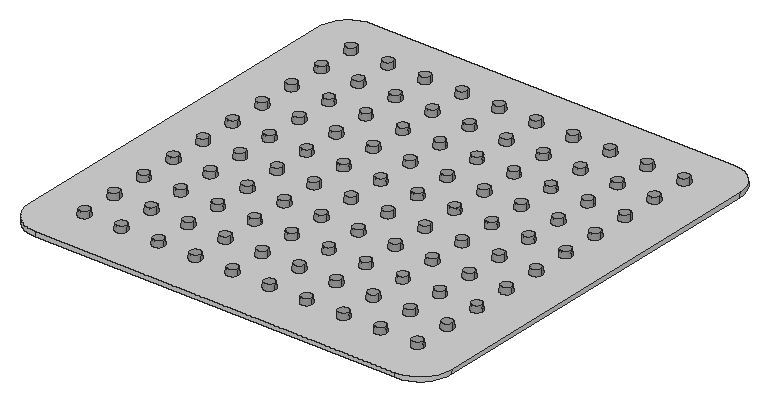
Revit family "Urbane II Rain Shower - 200mm Square", category Specialty Equipment, host Face, Revit 2019
Family settings
  Host = Face
  Round Connector Dimension = Use Radius
  Part Type = Normal
  OmniClass Number = 23.45.05.14.17
  OmniClass Title = Showers
  Cut with Voids When Loaded = No
  Shared = No
  Room Calculation Point = No
Parameters (values of type "Urbane II Rain Shower - 200mm Square - Chrome")
  URL = "https://www.caroma.com.au/"
  Model = "99664C4"
  Material_Spray = GWA-Plastic-General
  Material_Base = GWA_Metal-Chrome
  Manufacturer = "GWA Bathrooms & Kitchens"  # constant formula
  Description = "Urbane II Rain Shower - 200mm Square - Chrome"
  Default Elevation = 1000 mm
  CreatedBy_ANZRS = "GWA Bathrooms & Kitchens"  # constant formula
  Assembly Code = "D2010710"
Types (6, lengths in mm): name | Model | Material_Base | Description
  (no name) | "99664C4" | GWA_Metal-Chrome | "Urbane II Rain Shower - 200mm Square - Chrome"
  Urbane II Rain Shower - 200mm Square - Chrome | "99664C4" | GWA_Metal-Chrome | "Urbane II Rain Shower - 200mm Square - Chrome"
  Urbane II Rain Shower - 200mm Square - Matte Black | "99664B4" | GWA-Metal-Black | "Urbane II Rain Shower - 200mm Square - Matte Black"
  Urbane II Rain Shower - 200mm Square - Brushed Brass | "99664BB4" | GWA_Metal-Brushed-Brass | "Urbane II Rain Shower - 200mm Square - Brushed Brass"
  Urbane II Rain Shower - 200mm Square - Gunmetal | "99664GM4" | GWA-Metal-Gunmetal Grey | "Urbane II Rain Shower - 200mm Square - Gunmetal"
  Urbane II Rain Shower - 200mm Square - Brushed Nickel | "99664BN4" | GWA_Metal-Brushed-Nickel | "Urbane II Rain Shower - 200mm Square - Brushed Nickel"
Reference planes
  plane 1 "Center (Front/Back)": y = 0
  plane 2: z = 0
  plane 3 "Center (Left/Right)": x = 0
Forms (mm)
  Extrusion 1, solid, material "GWA_Metal-Chrome" <- "Material_Base"
    sketch origin (0, 0, 0) x (1, 0, 0) y (0, 1, 0)
      loop
        circle (0, 0) r 18.25
    from 20.3 to 38.6
  Revolve 2, solid, material "GWA_Metal-Chrome" <- "Material_Base"
    sketch origin (0, 0, 44.1) x (-1, 0, 0) y (0, 0, -1)
      loop
        line (0, 44.1) -> (-11.5, 44.1) -> (-11.5, 29.3) -> (-9, 28.6) -> (-9, 26.137)
        arc (-9, 26.137) -> (-10.937, 13.263) -> (0, 6.2) r 12
        line (0, 6.2) -> (0, 44.1)
      axis (0, 44.1) -> (0, 6.2)
    angle from 0 to 360
  Extrusion 3, void
    sketch origin (0, 0, 44.1) x (-1, 0, 0) y (0, 0, -1)
      loop
        line (-16, 34.3) -> (-16, 27.647) -> (-11, 27.647) -> (-11, 34.3) -> (-16, 34.3)
      loop
        line (16, 34.3) -> (11, 34.3) -> (11, 27.647) -> (16, 27.647) -> (16, 34.3)
    from -19.622 to 23.8
  Extrusion 4, void
    sketch origin (0, 0, 44.1) x (-1, 0, 0) y (0, 0, -1)
      loop
        line (-21.75, 25.341) -> (-21.75, 18.816) -> (-16.75, 18.816) -> (-16.75, 25.341) -> (-21.75, 25.341)
      loop
        line (21.75, 25.341) -> (16.75, 25.341) -> (16.75, 18.816) -> (21.75, 18.816) -> (21.75, 25.341)
    from -20 to 20
  Blend 5, solid, material "GWA-Plastic-General" <- "Material_Spray", detail levels fine
    base sketch origin (-8.75, 8.75, 44.1) x (-1, 0, 0) y (0, -1, 0)
      loop
        circle (0, 0) r 2.7
    top sketch origin (-8.75, 8.75, 44.1) x (-1, 0, 0) y (0, -1, 0)
      loop
        circle (0, 0) r 2.4
    from 0 to 2.5
  Extrusion 6, void
    sketch origin (0, 0, 0) x (1, 0, 0) y (0, 0, 1)
      loop
        circle (0, 28.8) r 2
    from -17.3 to -20
  Blend 7, solid, material "GWA-Plastic-General" <- "Material_Spray", detail levels fine
    base sketch origin (8.75, 8.75, 44.1) x (-1, 0, 0) y (0, -1, 0)
      loop
        circle (0, 0) r 2.7
    top sketch origin (8.75, 8.75, 44.1) x (-1, 0, 0) y (0, -1, 0)
      loop
        circle (0, 0) r 2.4
    from 0 to 2.5
  Blend 8, solid, material "GWA-Plastic-General" <- "Material_Spray", detail levels fine
    base sketch origin (26.25, 8.75, 44.1) x (-1, 0, 0) y (0, -1, 0)
      loop
        circle (0, 0) r 2.7
    top sketch origin (26.25, 8.75, 44.1) x (-1, 0, 0) y (0, -1, 0)
      loop
        circle (0, 0) r 2.4
    from 0 to 2.5
  Blend 9, solid, material "GWA-Plastic-General" <- "Material_Spray", detail levels fine
    base sketch origin (43.75, 8.75, 44.1) x (-1, 0, 0) y (0, -1, 0)
      loop
        circle (0, 0) r 2.7
    top sketch origin (43.75, 8.75, 44.1) x (-1, 0, 0) y (0, -1, 0)
      loop
        circle (0, 0) r 2.4
    from 0 to 2.5
  Blend 10, solid, material "GWA-Plastic-General" <- "Material_Spray", detail levels fine
    base sketch origin (61.25, 8.75, 44.1) x (-1, 0, 0) y (0, -1, 0)
      loop
        circle (0, 0) r 2.7
    top sketch origin (61.25, 8.75, 44.1) x (-1, 0, 0) y (0, -1, 0)
      loop
        circle (0, 0) r 2.4
    from 0 to 2.5
  Blend 11, solid, material "GWA-Plastic-General" <- "Material_Spray", detail levels fine
    base sketch origin (78.75, 8.75, 44.1) x (-1, 0, 0) y (0, -1, 0)
      loop
        circle (0, 0) r 2.7
    top sketch origin (78.75, 8.75, 44.1) x (-1, 0, 0) y (0, -1, 0)
      loop
        circle (0, 0) r 2.4
    from 0 to 2.5
  Blend 12, solid, material "GWA-Plastic-General" <- "Material_Spray", detail levels fine
    base sketch origin (-26.25, 8.75, 44.1) x (-1, 0, 0) y (0, -1, 0)
      loop
        circle (0, 0) r 2.7
    top sketch origin (-26.25, 8.75, 44.1) x (-1, 0, 0) y (0, -1, 0)
      loop
        circle (0, 0) r 2.4
    from 0 to 2.5
  Blend 13, solid, material "GWA-Plastic-General" <- "Material_Spray", detail levels fine
    base sketch origin (-43.75, 8.75, 44.1) x (-1, 0, 0) y (0, -1, 0)
      loop
        circle (0, 0) r 2.7
    top sketch origin (-43.75, 8.75, 44.1) x (-1, 0, 0) y (0, -1, 0)
      loop
        circle (0, 0) r 2.4
    from 0 to 2.5
  Blend 14, solid, material "GWA-Plastic-General" <- "Material_Spray", detail levels fine
    base sketch origin (-61.25, 8.75, 44.1) x (-1, 0, 0) y (0, -1, 0)
      loop
        circle (0, 0) r 2.7
    top sketch origin (-61.25, 8.75, 44.1) x (-1, 0, 0) y (0, -1, 0)
      loop
        circle (0, 0) r 2.4
    from 0 to 2.5
  Blend 15, solid, material "GWA-Plastic-General" <- "Material_Spray", detail levels fine
    base sketch origin (-78.75, 8.75, 44.1) x (-1, 0, 0) y (0, -1, 0)
      loop
        circle (0, 0) r 2.7
    top sketch origin (-78.75, 8.75, 44.1) x (-1, 0, 0) y (0, -1, 0)
      loop
        circle (0, 0) r 2.4
    from 0 to 2.5
  Blend 16, solid, material "GWA-Plastic-General" <- "Material_Spray", detail levels fine
    base sketch origin (-8.75, 26.25, 44.1) x (-1, 0, 0) y (0, -1, 0)
      loop
        circle (0, 0) r 2.7
    top sketch origin (-8.75, 26.25, 44.1) x (-1, 0, 0) y (0, -1, 0)
      loop
        circle (0, 0) r 2.4
    from 0 to 2.5
  Blend 17, solid, material "GWA-Plastic-General" <- "Material_Spray", detail levels fine
    base sketch origin (8.75, 26.25, 44.1) x (-1, 0, 0) y (0, -1, 0)
      loop
        circle (0, 0) r 2.7
    top sketch origin (8.75, 26.25, 44.1) x (-1, 0, 0) y (0, -1, 0)
      loop
        circle (0, 0) r 2.4
    from 0 to 2.5
  Blend 18, solid, material "GWA-Plastic-General" <- "Material_Spray", detail levels fine
    base sketch origin (26.25, 26.25, 44.1) x (-1, 0, 0) y (0, -1, 0)
      loop
        circle (0, 0) r 2.7
    top sketch origin (26.25, 26.25, 44.1) x (-1, 0, 0) y (0, -1, 0)
      loop
        circle (0, 0) r 2.4
    from 0 to 2.5
  Blend 19, solid, material "GWA-Plastic-General" <- "Material_Spray", detail levels fine
    base sketch origin (43.75, 26.25, 44.1) x (-1, 0, 0) y (0, -1, 0)
      loop
        circle (0, 0) r 2.7
    top sketch origin (43.75, 26.25, 44.1) x (-1, 0, 0) y (0, -1, 0)
      loop
        circle (0, 0) r 2.4
    from 0 to 2.5
  Blend 20, solid, material "GWA-Plastic-General" <- "Material_Spray", detail levels fine
    base sketch origin (61.25, 26.25, 44.1) x (-1, 0, 0) y (0, -1, 0)
      loop
        circle (0, 0) r 2.7
    top sketch origin (61.25, 26.25, 44.1) x (-1, 0, 0) y (0, -1, 0)
      loop
        circle (0, 0) r 2.4
    from 0 to 2.5
  Blend 21, solid, material "GWA-Plastic-General" <- "Material_Spray", detail levels fine
    base sketch origin (78.75, 26.25, 44.1) x (-1, 0, 0) y (0, -1, 0)
      loop
        circle (0, 0) r 2.7
    top sketch origin (78.75, 26.25, 44.1) x (-1, 0, 0) y (0, -1, 0)
      loop
        circle (0, 0) r 2.4
    from 0 to 2.5
  Blend 22, solid, material "GWA-Plastic-General" <- "Material_Spray", detail levels fine
    base sketch origin (-26.25, 26.25, 44.1) x (-1, 0, 0) y (0, -1, 0)
      loop
        circle (0, 0) r 2.7
    top sketch origin (-26.25, 26.25, 44.1) x (-1, 0, 0) y (0, -1, 0)
      loop
        circle (0, 0) r 2.4
    from 0 to 2.5
  Blend 23, solid, material "GWA-Plastic-General" <- "Material_Spray", detail levels fine
    base sketch origin (-43.75, 26.25, 44.1) x (-1, 0, 0) y (0, -1, 0)
      loop
        circle (0, 0) r 2.7
    top sketch origin (-43.75, 26.25, 44.1) x (-1, 0, 0) y (0, -1, 0)
      loop
        circle (0, 0) r 2.4
    from 0 to 2.5
  Blend 24, solid, material "GWA-Plastic-General" <- "Material_Spray", detail levels fine
    base sketch origin (-61.25, 26.25, 44.1) x (-1, 0, 0) y (0, -1, 0)
      loop
        circle (0, 0) r 2.7
    top sketch origin (-61.25, 26.25, 44.1) x (-1, 0, 0) y (0, -1, 0)
      loop
        circle (0, 0) r 2.4
    from 0 to 2.5
  Blend 25, solid, material "GWA-Plastic-General" <- "Material_Spray", detail levels fine
    base sketch origin (-78.75, 26.25, 44.1) x (-1, 0, 0) y (0, -1, 0)
      loop
        circle (0, 0) r 2.7
    top sketch origin (-78.75, 26.25, 44.1) x (-1, 0, 0) y (0, -1, 0)
      loop
        circle (0, 0) r 2.4
    from 0 to 2.5
  Blend 26, solid, material "GWA-Plastic-General" <- "Material_Spray", detail levels fine
    base sketch origin (-8.75, 43.75, 44.1) x (-1, 0, 0) y (0, -1, 0)
      loop
        circle (0, 0) r 2.7
    top sketch origin (-8.75, 43.75, 44.1) x (-1, 0, 0) y (0, -1, 0)
      loop
        circle (0, 0) r 2.4
    from 0 to 2.5
  Blend 27, solid, material "GWA-Plastic-General" <- "Material_Spray", detail levels fine
    base sketch origin (8.75, 43.75, 44.1) x (-1, 0, 0) y (0, -1, 0)
      loop
        circle (0, 0) r 2.7
    top sketch origin (8.75, 43.75, 44.1) x (-1, 0, 0) y (0, -1, 0)
      loop
        circle (0, 0) r 2.4
    from 0 to 2.5
  Blend 28, solid, material "GWA-Plastic-General" <- "Material_Spray", detail levels fine
    base sketch origin (26.25, 43.75, 44.1) x (-1, 0, 0) y (0, -1, 0)
      loop
        circle (0, 0) r 2.7
    top sketch origin (26.25, 43.75, 44.1) x (-1, 0, 0) y (0, -1, 0)
      loop
        circle (0, 0) r 2.4
    from 0 to 2.5
  Blend 29, solid, material "GWA-Plastic-General" <- "Material_Spray", detail levels fine
    base sketch origin (43.75, 43.75, 44.1) x (-1, 0, 0) y (0, -1, 0)
      loop
        circle (0, 0) r 2.7
    top sketch origin (43.75, 43.75, 44.1) x (-1, 0, 0) y (0, -1, 0)
      loop
        circle (0, 0) r 2.4
    from 0 to 2.5
  Blend 30, solid, material "GWA-Plastic-General" <- "Material_Spray", detail levels fine
    base sketch origin (61.25, 43.75, 44.1) x (-1, 0, 0) y (0, -1, 0)
      loop
        circle (0, 0) r 2.7
    top sketch origin (61.25, 43.75, 44.1) x (-1, 0, 0) y (0, -1, 0)
      loop
        circle (0, 0) r 2.4
    from 0 to 2.5
  Blend 31, solid, material "GWA-Plastic-General" <- "Material_Spray", detail levels fine
    base sketch origin (78.75, 43.75, 44.1) x (-1, 0, 0) y (0, -1, 0)
      loop
        circle (0, 0) r 2.7
    top sketch origin (78.75, 43.75, 44.1) x (-1, 0, 0) y (0, -1, 0)
      loop
        circle (0, 0) r 2.4
    from 0 to 2.5
  Blend 32, solid, material "GWA-Plastic-General" <- "Material_Spray", detail levels fine
    base sketch origin (-26.25, 43.75, 44.1) x (-1, 0, 0) y (0, -1, 0)
      loop
        circle (0, 0) r 2.7
    top sketch origin (-26.25, 43.75, 44.1) x (-1, 0, 0) y (0, -1, 0)
      loop
        circle (0, 0) r 2.4
    from 0 to 2.5
  Blend 33, solid, material "GWA-Plastic-General" <- "Material_Spray", detail levels fine
    base sketch origin (-43.75, 43.75, 44.1) x (-1, 0, 0) y (0, -1, 0)
      loop
        circle (0, 0) r 2.7
    top sketch origin (-43.75, 43.75, 44.1) x (-1, 0, 0) y (0, -1, 0)
      loop
        circle (0, 0) r 2.4
    from 0 to 2.5
  Blend 34, solid, material "GWA-Plastic-General" <- "Material_Spray", detail levels fine
    base sketch origin (-61.25, 43.75, 44.1) x (-1, 0, 0) y (0, -1, 0)
      loop
        circle (0, 0) r 2.7
    top sketch origin (-61.25, 43.75, 44.1) x (-1, 0, 0) y (0, -1, 0)
      loop
        circle (0, 0) r 2.4
    from 0 to 2.5
  Blend 35, solid, material "GWA-Plastic-General" <- "Material_Spray", detail levels fine
    base sketch origin (-78.75, 43.75, 44.1) x (-1, 0, 0) y (0, -1, 0)
      loop
        circle (0, 0) r 2.7
    top sketch origin (-78.75, 43.75, 44.1) x (-1, 0, 0) y (0, -1, 0)
      loop
        circle (0, 0) r 2.4
    from 0 to 2.5
  Blend 36, solid, material "GWA-Plastic-General" <- "Material_Spray", detail levels fine
    base sketch origin (-8.75, 61.25, 44.1) x (-1, 0, 0) y (0, -1, 0)
      loop
        circle (0, 0) r 2.7
    top sketch origin (-8.75, 61.25, 44.1) x (-1, 0, 0) y (0, -1, 0)
      loop
        circle (0, 0) r 2.4
    from 0 to 2.5
  Blend 37, solid, material "GWA-Plastic-General" <- "Material_Spray", detail levels fine
    base sketch origin (8.75, 61.25, 44.1) x (-1, 0, 0) y (0, -1, 0)
      loop
        circle (0, 0) r 2.7
    top sketch origin (8.75, 61.25, 44.1) x (-1, 0, 0) y (0, -1, 0)
      loop
        circle (0, 0) r 2.4
    from 0 to 2.5
  Blend 38, solid, material "GWA-Plastic-General" <- "Material_Spray", detail levels fine
    base sketch origin (26.25, 61.25, 44.1) x (-1, 0, 0) y (0, -1, 0)
      loop
        circle (0, 0) r 2.7
    top sketch origin (26.25, 61.25, 44.1) x (-1, 0, 0) y (0, -1, 0)
      loop
        circle (0, 0) r 2.4
    from 0 to 2.5
  Blend 39, solid, material "GWA-Plastic-General" <- "Material_Spray", detail levels fine
    base sketch origin (43.75, 61.25, 44.1) x (-1, 0, 0) y (0, -1, 0)
      loop
        circle (0, 0) r 2.7
    top sketch origin (43.75, 61.25, 44.1) x (-1, 0, 0) y (0, -1, 0)
      loop
        circle (0, 0) r 2.4
    from 0 to 2.5
  Blend 40, solid, material "GWA-Plastic-General" <- "Material_Spray", detail levels fine
    base sketch origin (61.25, 61.25, 44.1) x (-1, 0, 0) y (0, -1, 0)
      loop
        circle (0, 0) r 2.7
    top sketch origin (61.25, 61.25, 44.1) x (-1, 0, 0) y (0, -1, 0)
      loop
        circle (0, 0) r 2.4
    from 0 to 2.5
  Blend 41, solid, material "GWA-Plastic-General" <- "Material_Spray", detail levels fine
    base sketch origin (78.75, 61.25, 44.1) x (-1, 0, 0) y (0, -1, 0)
      loop
        circle (0, 0) r 2.7
    top sketch origin (78.75, 61.25, 44.1) x (-1, 0, 0) y (0, -1, 0)
      loop
        circle (0, 0) r 2.4
    from 0 to 2.5
  Blend 42, solid, material "GWA-Plastic-General" <- "Material_Spray", detail levels fine
    base sketch origin (-26.25, 61.25, 44.1) x (-1, 0, 0) y (0, -1, 0)
      loop
        circle (0, 0) r 2.7
    top sketch origin (-26.25, 61.25, 44.1) x (-1, 0, 0) y (0, -1, 0)
      loop
        circle (0, 0) r 2.4
    from 0 to 2.5
  Blend 43, solid, material "GWA-Plastic-General" <- "Material_Spray", detail levels fine
    base sketch origin (-43.75, 61.25, 44.1) x (-1, 0, 0) y (0, -1, 0)
      loop
        circle (0, 0) r 2.7
    top sketch origin (-43.75, 61.25, 44.1) x (-1, 0, 0) y (0, -1, 0)
      loop
        circle (0, 0) r 2.4
    from 0 to 2.5
  Blend 44, solid, material "GWA-Plastic-General" <- "Material_Spray", detail levels fine
    base sketch origin (-61.25, 61.25, 44.1) x (-1, 0, 0) y (0, -1, 0)
      loop
        circle (0, 0) r 2.7
    top sketch origin (-61.25, 61.25, 44.1) x (-1, 0, 0) y (0, -1, 0)
      loop
        circle (0, 0) r 2.4
    from 0 to 2.5
  Blend 45, solid, material "GWA-Plastic-General" <- "Material_Spray", detail levels fine
    base sketch origin (-78.75, 61.25, 44.1) x (-1, 0, 0) y (0, -1, 0)
      loop
        circle (0, 0) r 2.7
    top sketch origin (-78.75, 61.25, 44.1) x (-1, 0, 0) y (0, -1, 0)
      loop
        circle (0, 0) r 2.4
    from 0 to 2.5
  Blend 46, solid, material "GWA-Plastic-General" <- "Material_Spray", detail levels fine
    base sketch origin (-8.75, 78.75, 44.1) x (-1, 0, 0) y (0, -1, 0)
      loop
        circle (0, 0) r 2.7
    top sketch origin (-8.75, 78.75, 44.1) x (-1, 0, 0) y (0, -1, 0)
      loop
        circle (0, 0) r 2.4
    from 0 to 2.5
  Blend 47, solid, material "GWA-Plastic-General" <- "Material_Spray", detail levels fine
    base sketch origin (8.75, 78.75, 44.1) x (-1, 0, 0) y (0, -1, 0)
      loop
        circle (0, 0) r 2.7
    top sketch origin (8.75, 78.75, 44.1) x (-1, 0, 0) y (0, -1, 0)
      loop
        circle (0, 0) r 2.4
    from 0 to 2.5
  Blend 48, solid, material "GWA-Plastic-General" <- "Material_Spray", detail levels fine
    base sketch origin (26.25, 78.75, 44.1) x (-1, 0, 0) y (0, -1, 0)
      loop
        circle (0, 0) r 2.7
    top sketch origin (26.25, 78.75, 44.1) x (-1, 0, 0) y (0, -1, 0)
      loop
        circle (0, 0) r 2.4
    from 0 to 2.5
  Blend 49, solid, material "GWA-Plastic-General" <- "Material_Spray", detail levels fine
    base sketch origin (43.75, 78.75, 44.1) x (-1, 0, 0) y (0, -1, 0)
      loop
        circle (0, 0) r 2.7
    top sketch origin (43.75, 78.75, 44.1) x (-1, 0, 0) y (0, -1, 0)
      loop
        circle (0, 0) r 2.4
    from 0 to 2.5
  Blend 50, solid, material "GWA-Plastic-General" <- "Material_Spray", detail levels fine
    base sketch origin (61.25, 78.75, 44.1) x (-1, 0, 0) y (0, -1, 0)
      loop
        circle (0, 0) r 2.7
    top sketch origin (61.25, 78.75, 44.1) x (-1, 0, 0) y (0, -1, 0)
      loop
        circle (0, 0) r 2.4
    from 0 to 2.5
  Blend 51, solid, material "GWA-Plastic-General" <- "Material_Spray", detail levels fine
    base sketch origin (78.75, 78.75, 44.1) x (-1, 0, 0) y (0, -1, 0)
      loop
        circle (0, 0) r 2.7
    top sketch origin (78.75, 78.75, 44.1) x (-1, 0, 0) y (0, -1, 0)
      loop
        circle (0, 0) r 2.4
    from 0 to 2.5
  Blend 52, solid, material "GWA-Plastic-General" <- "Material_Spray", detail levels fine
    base sketch origin (-26.25, 78.75, 44.1) x (-1, 0, 0) y (0, -1, 0)
      loop
        circle (0, 0) r 2.7
    top sketch origin (-26.25, 78.75, 44.1) x (-1, 0, 0) y (0, -1, 0)
      loop
        circle (0, 0) r 2.4
    from 0 to 2.5
  Blend 53, solid, material "GWA-Plastic-General" <- "Material_Spray", detail levels fine
    base sketch origin (-43.75, 78.75, 44.1) x (-1, 0, 0) y (0, -1, 0)
      loop
        circle (0, 0) r 2.7
    top sketch origin (-43.75, 78.75, 44.1) x (-1, 0, 0) y (0, -1, 0)
      loop
        circle (0, 0) r 2.4
    from 0 to 2.5
  Blend 54, solid, material "GWA-Plastic-General" <- "Material_Spray", detail levels fine
    base sketch origin (-61.25, 78.75, 44.1) x (-1, 0, 0) y (0, -1, 0)
      loop
        circle (0, 0) r 2.7
    top sketch origin (-61.25, 78.75, 44.1) x (-1, 0, 0) y (0, -1, 0)
      loop
        circle (0, 0) r 2.4
    from 0 to 2.5
  Blend 55, solid, material "GWA-Plastic-General" <- "Material_Spray", detail levels fine
    base sketch origin (-78.75, 78.75, 44.1) x (-1, 0, 0) y (0, -1, 0)
      loop
        circle (0, 0) r 2.7
    top sketch origin (-78.75, 78.75, 44.1) x (-1, 0, 0) y (0, -1, 0)
      loop
        circle (0, 0) r 2.4
    from 0 to 2.5
  Blend 56, solid, material "GWA-Plastic-General" <- "Material_Spray", detail levels fine
    base sketch origin (-8.75, -8.75, 44.1) x (-1, 0, 0) y (0, -1, 0)
      loop
        circle (0, 0) r 2.7
    top sketch origin (-8.75, -8.75, 44.1) x (-1, 0, 0) y (0, -1, 0)
      loop
        circle (0, 0) r 2.4
    from 0 to 2.5
  Blend 57, solid, material "GWA-Plastic-General" <- "Material_Spray", detail levels fine
    base sketch origin (8.75, -8.75, 44.1) x (-1, 0, 0) y (0, -1, 0)
      loop
        circle (0, 0) r 2.7
    top sketch origin (8.75, -8.75, 44.1) x (-1, 0, 0) y (0, -1, 0)
      loop
        circle (0, 0) r 2.4
    from 0 to 2.5
  Blend 58, solid, material "GWA-Plastic-General" <- "Material_Spray", detail levels fine
    base sketch origin (26.25, -8.75, 44.1) x (-1, 0, 0) y (0, -1, 0)
      loop
        circle (0, 0) r 2.7
    top sketch origin (26.25, -8.75, 44.1) x (-1, 0, 0) y (0, -1, 0)
      loop
        circle (0, 0) r 2.4
    from 0 to 2.5
  Blend 59, solid, material "GWA-Plastic-General" <- "Material_Spray", detail levels fine
    base sketch origin (43.75, -8.75, 44.1) x (-1, 0, 0) y (0, -1, 0)
      loop
        circle (0, 0) r 2.7
    top sketch origin (43.75, -8.75, 44.1) x (-1, 0, 0) y (0, -1, 0)
      loop
        circle (0, 0) r 2.4
    from 0 to 2.5
  Blend 60, solid, material "GWA-Plastic-General" <- "Material_Spray", detail levels fine
    base sketch origin (61.25, -8.75, 44.1) x (-1, 0, 0) y (0, -1, 0)
      loop
        circle (0, 0) r 2.7
    top sketch origin (61.25, -8.75, 44.1) x (-1, 0, 0) y (0, -1, 0)
      loop
        circle (0, 0) r 2.4
    from 0 to 2.5
  Blend 61, solid, material "GWA-Plastic-General" <- "Material_Spray", detail levels fine
    base sketch origin (78.75, -8.75, 44.1) x (-1, 0, 0) y (0, -1, 0)
      loop
        circle (0, 0) r 2.7
    top sketch origin (78.75, -8.75, 44.1) x (-1, 0, 0) y (0, -1, 0)
      loop
        circle (0, 0) r 2.4
    from 0 to 2.5
  Blend 62, solid, material "GWA-Plastic-General" <- "Material_Spray", detail levels fine
    base sketch origin (-26.25, -8.75, 44.1) x (-1, 0, 0) y (0, -1, 0)
      loop
        circle (0, 0) r 2.7
    top sketch origin (-26.25, -8.75, 44.1) x (-1, 0, 0) y (0, -1, 0)
      loop
        circle (0, 0) r 2.4
    from 0 to 2.5
  Blend 63, solid, material "GWA-Plastic-General" <- "Material_Spray", detail levels fine
    base sketch origin (-43.75, -8.75, 44.1) x (-1, 0, 0) y (0, -1, 0)
      loop
        circle (0, 0) r 2.7
    top sketch origin (-43.75, -8.75, 44.1) x (-1, 0, 0) y (0, -1, 0)
      loop
        circle (0, 0) r 2.4
    from 0 to 2.5
  Blend 64, solid, material "GWA-Plastic-General" <- "Material_Spray", detail levels fine
    base sketch origin (-61.25, -8.75, 44.1) x (-1, 0, 0) y (0, -1, 0)
      loop
        circle (0, 0) r 2.7
    top sketch origin (-61.25, -8.75, 44.1) x (-1, 0, 0) y (0, -1, 0)
      loop
        circle (0, 0) r 2.4
    from 0 to 2.5
  Blend 65, solid, material "GWA-Plastic-General" <- "Material_Spray", detail levels fine
    base sketch origin (-78.75, -8.75, 44.1) x (-1, 0, 0) y (0, -1, 0)
      loop
        circle (0, 0) r 2.7
    top sketch origin (-78.75, -8.75, 44.1) x (-1, 0, 0) y (0, -1, 0)
      loop
        circle (0, 0) r 2.4
    from 0 to 2.5
  Blend 66, solid, material "GWA-Plastic-General" <- "Material_Spray", detail levels fine
    base sketch origin (-8.75, -26.25, 44.1) x (-1, 0, 0) y (0, -1, 0)
      loop
        circle (0, 0) r 2.7
    top sketch origin (-8.75, -26.25, 44.1) x (-1, 0, 0) y (0, -1, 0)
      loop
        circle (0, 0) r 2.4
    from 0 to 2.5
  Blend 67, solid, material "GWA-Plastic-General" <- "Material_Spray", detail levels fine
    base sketch origin (8.75, -26.25, 44.1) x (-1, 0, 0) y (0, -1, 0)
      loop
        circle (0, 0) r 2.7
    top sketch origin (8.75, -26.25, 44.1) x (-1, 0, 0) y (0, -1, 0)
      loop
        circle (0, 0) r 2.4
    from 0 to 2.5
  Blend 68, solid, material "GWA-Plastic-General" <- "Material_Spray", detail levels fine
    base sketch origin (26.25, -26.25, 44.1) x (-1, 0, 0) y (0, -1, 0)
      loop
        circle (0, 0) r 2.7
    top sketch origin (26.25, -26.25, 44.1) x (-1, 0, 0) y (0, -1, 0)
      loop
        circle (0, 0) r 2.4
    from 0 to 2.5
  Blend 69, solid, material "GWA-Plastic-General" <- "Material_Spray", detail levels fine
    base sketch origin (43.75, -26.25, 44.1) x (-1, 0, 0) y (0, -1, 0)
      loop
        circle (0, 0) r 2.7
    top sketch origin (43.75, -26.25, 44.1) x (-1, 0, 0) y (0, -1, 0)
      loop
        circle (0, 0) r 2.4
    from 0 to 2.5
  Blend 70, solid, material "GWA-Plastic-General" <- "Material_Spray", detail levels fine
    base sketch origin (61.25, -26.25, 44.1) x (-1, 0, 0) y (0, -1, 0)
      loop
        circle (0, 0) r 2.7
    top sketch origin (61.25, -26.25, 44.1) x (-1, 0, 0) y (0, -1, 0)
      loop
        circle (0, 0) r 2.4
    from 0 to 2.5
  Blend 71, solid, material "GWA-Plastic-General" <- "Material_Spray", detail levels fine
    base sketch origin (78.75, -26.25, 44.1) x (-1, 0, 0) y (0, -1, 0)
      loop
        circle (0, 0) r 2.7
    top sketch origin (78.75, -26.25, 44.1) x (-1, 0, 0) y (0, -1, 0)
      loop
        circle (0, 0) r 2.4
    from 0 to 2.5
  Blend 72, solid, material "GWA-Plastic-General" <- "Material_Spray", detail levels fine
    base sketch origin (-26.25, -26.25, 44.1) x (-1, 0, 0) y (0, -1, 0)
      loop
        circle (0, 0) r 2.7
    top sketch origin (-26.25, -26.25, 44.1) x (-1, 0, 0) y (0, -1, 0)
      loop
        circle (0, 0) r 2.4
    from 0 to 2.5
  Blend 73, solid, material "GWA-Plastic-General" <- "Material_Spray", detail levels fine
    base sketch origin (-43.75, -26.25, 44.1) x (-1, 0, 0) y (0, -1, 0)
      loop
        circle (0, 0) r 2.7
    top sketch origin (-43.75, -26.25, 44.1) x (-1, 0, 0) y (0, -1, 0)
      loop
        circle (0, 0) r 2.4
    from 0 to 2.5
  Blend 74, solid, material "GWA-Plastic-General" <- "Material_Spray", detail levels fine
    base sketch origin (-61.25, -26.25, 44.1) x (-1, 0, 0) y (0, -1, 0)
      loop
        circle (0, 0) r 2.7
    top sketch origin (-61.25, -26.25, 44.1) x (-1, 0, 0) y (0, -1, 0)
      loop
        circle (0, 0) r 2.4
    from 0 to 2.5
  Blend 75, solid, material "GWA-Plastic-General" <- "Material_Spray", detail levels fine
    base sketch origin (-78.75, -26.25, 44.1) x (-1, 0, 0) y (0, -1, 0)
      loop
        circle (0, 0) r 2.7
    top sketch origin (-78.75, -26.25, 44.1) x (-1, 0, 0) y (0, -1, 0)
      loop
        circle (0, 0) r 2.4
    from 0 to 2.5
  Blend 76, solid, material "GWA-Plastic-General" <- "Material_Spray", detail levels fine
    base sketch origin (-8.75, -43.75, 44.1) x (-1, 0, 0) y (0, -1, 0)
      loop
        circle (0, 0) r 2.7
    top sketch origin (-8.75, -43.75, 44.1) x (-1, 0, 0) y (0, -1, 0)
      loop
        circle (0, 0) r 2.4
    from 0 to 2.5
  Blend 77, solid, material "GWA-Plastic-General" <- "Material_Spray", detail levels fine
    base sketch origin (8.75, -43.75, 44.1) x (-1, 0, 0) y (0, -1, 0)
      loop
        circle (0, 0) r 2.7
    top sketch origin (8.75, -43.75, 44.1) x (-1, 0, 0) y (0, -1, 0)
      loop
        circle (0, 0) r 2.4
    from 0 to 2.5
  Blend 78, solid, material "GWA-Plastic-General" <- "Material_Spray", detail levels fine
    base sketch origin (26.25, -43.75, 44.1) x (-1, 0, 0) y (0, -1, 0)
      loop
        circle (0, 0) r 2.7
    top sketch origin (26.25, -43.75, 44.1) x (-1, 0, 0) y (0, -1, 0)
      loop
        circle (0, 0) r 2.4
    from 0 to 2.5
  Blend 79, solid, material "GWA-Plastic-General" <- "Material_Spray", detail levels fine
    base sketch origin (43.75, -43.75, 44.1) x (-1, 0, 0) y (0, -1, 0)
      loop
        circle (0, 0) r 2.7
    top sketch origin (43.75, -43.75, 44.1) x (-1, 0, 0) y (0, -1, 0)
      loop
        circle (0, 0) r 2.4
    from 0 to 2.5
  Blend 80, solid, material "GWA-Plastic-General" <- "Material_Spray", detail levels fine
    base sketch origin (61.25, -43.75, 44.1) x (-1, 0, 0) y (0, -1, 0)
      loop
        circle (0, 0) r 2.7
    top sketch origin (61.25, -43.75, 44.1) x (-1, 0, 0) y (0, -1, 0)
      loop
        circle (0, 0) r 2.4
    from 0 to 2.5
  Blend 81, solid, material "GWA-Plastic-General" <- "Material_Spray", detail levels fine
    base sketch origin (78.75, -43.75, 44.1) x (-1, 0, 0) y (0, -1, 0)
      loop
        circle (0, 0) r 2.7
    top sketch origin (78.75, -43.75, 44.1) x (-1, 0, 0) y (0, -1, 0)
      loop
        circle (0, 0) r 2.4
    from 0 to 2.5
  Blend 82, solid, material "GWA-Plastic-General" <- "Material_Spray", detail levels fine
    base sketch origin (-26.25, -43.75, 44.1) x (-1, 0, 0) y (0, -1, 0)
      loop
        circle (0, 0) r 2.7
    top sketch origin (-26.25, -43.75, 44.1) x (-1, 0, 0) y (0, -1, 0)
      loop
        circle (0, 0) r 2.4
    from 0 to 2.5
  Blend 83, solid, material "GWA-Plastic-General" <- "Material_Spray", detail levels fine
    base sketch origin (-43.75, -43.75, 44.1) x (-1, 0, 0) y (0, -1, 0)
      loop
        circle (0, 0) r 2.7
    top sketch origin (-43.75, -43.75, 44.1) x (-1, 0, 0) y (0, -1, 0)
      loop
        circle (0, 0) r 2.4
    from 0 to 2.5
  Blend 84, solid, material "GWA-Plastic-General" <- "Material_Spray", detail levels fine
    base sketch origin (-61.25, -43.75, 44.1) x (-1, 0, 0) y (0, -1, 0)
      loop
        circle (0, 0) r 2.7
    top sketch origin (-61.25, -43.75, 44.1) x (-1, 0, 0) y (0, -1, 0)
      loop
        circle (0, 0) r 2.4
    from 0 to 2.5
  Blend 85, solid, material "GWA-Plastic-General" <- "Material_Spray", detail levels fine
    base sketch origin (-78.75, -43.75, 44.1) x (-1, 0, 0) y (0, -1, 0)
      loop
        circle (0, 0) r 2.7
    top sketch origin (-78.75, -43.75, 44.1) x (-1, 0, 0) y (0, -1, 0)
      loop
        circle (0, 0) r 2.4
    from 0 to 2.5
  Blend 86, solid, material "GWA-Plastic-General" <- "Material_Spray", detail levels fine
    base sketch origin (-8.75, -61.25, 44.1) x (-1, 0, 0) y (0, -1, 0)
      loop
        circle (0, 0) r 2.7
    top sketch origin (-8.75, -61.25, 44.1) x (-1, 0, 0) y (0, -1, 0)
      loop
        circle (0, 0) r 2.4
    from 0 to 2.5
  Blend 87, solid, material "GWA-Plastic-General" <- "Material_Spray", detail levels fine
    base sketch origin (8.75, -61.25, 44.1) x (-1, 0, 0) y (0, -1, 0)
      loop
        circle (0, 0) r 2.7
    top sketch origin (8.75, -61.25, 44.1) x (-1, 0, 0) y (0, -1, 0)
      loop
        circle (0, 0) r 2.4
    from 0 to 2.5
  Blend 88, solid, material "GWA-Plastic-General" <- "Material_Spray", detail levels fine
    base sketch origin (26.25, -61.25, 44.1) x (-1, 0, 0) y (0, -1, 0)
      loop
        circle (0, 0) r 2.7
    top sketch origin (26.25, -61.25, 44.1) x (-1, 0, 0) y (0, -1, 0)
      loop
        circle (0, 0) r 2.4
    from 0 to 2.5
  Blend 89, solid, material "GWA-Plastic-General" <- "Material_Spray", detail levels fine
    base sketch origin (43.75, -61.25, 44.1) x (-1, 0, 0) y (0, -1, 0)
      loop
        circle (0, 0) r 2.7
    top sketch origin (43.75, -61.25, 44.1) x (-1, 0, 0) y (0, -1, 0)
      loop
        circle (0, 0) r 2.4
    from 0 to 2.5
  Blend 90, solid, material "GWA-Plastic-General" <- "Material_Spray", detail levels fine
    base sketch origin (61.25, -61.25, 44.1) x (-1, 0, 0) y (0, -1, 0)
      loop
        circle (0, 0) r 2.7
    top sketch origin (61.25, -61.25, 44.1) x (-1, 0, 0) y (0, -1, 0)
      loop
        circle (0, 0) r 2.4
    from 0 to 2.5
  Blend 91, solid, material "GWA-Plastic-General" <- "Material_Spray", detail levels fine
    base sketch origin (78.75, -61.25, 44.1) x (-1, 0, 0) y (0, -1, 0)
      loop
        circle (0, 0) r 2.7
    top sketch origin (78.75, -61.25, 44.1) x (-1, 0, 0) y (0, -1, 0)
      loop
        circle (0, 0) r 2.4
    from 0 to 2.5
  Blend 92, solid, material "GWA-Plastic-General" <- "Material_Spray", detail levels fine
    base sketch origin (-26.25, -61.25, 44.1) x (-1, 0, 0) y (0, -1, 0)
      loop
        circle (0, 0) r 2.7
    top sketch origin (-26.25, -61.25, 44.1) x (-1, 0, 0) y (0, -1, 0)
      loop
        circle (0, 0) r 2.4
    from 0 to 2.5
  Blend 93, solid, material "GWA-Plastic-General" <- "Material_Spray", detail levels fine
    base sketch origin (-43.75, -61.25, 44.1) x (-1, 0, 0) y (0, -1, 0)
      loop
        circle (0, 0) r 2.7
    top sketch origin (-43.75, -61.25, 44.1) x (-1, 0, 0) y (0, -1, 0)
      loop
        circle (0, 0) r 2.4
    from 0 to 2.5
  Blend 94, solid, material "GWA-Plastic-General" <- "Material_Spray", detail levels fine
    base sketch origin (-61.25, -61.25, 44.1) x (-1, 0, 0) y (0, -1, 0)
      loop
        circle (0, 0) r 2.7
    top sketch origin (-61.25, -61.25, 44.1) x (-1, 0, 0) y (0, -1, 0)
      loop
        circle (0, 0) r 2.4
    from 0 to 2.5
  Blend 95, solid, material "GWA-Plastic-General" <- "Material_Spray", detail levels fine
    base sketch origin (-78.75, -61.25, 44.1) x (-1, 0, 0) y (0, -1, 0)
      loop
        circle (0, 0) r 2.7
    top sketch origin (-78.75, -61.25, 44.1) x (-1, 0, 0) y (0, -1, 0)
      loop
        circle (0, 0) r 2.4
    from 0 to 2.5
  Blend 96, solid, material "GWA-Plastic-General" <- "Material_Spray", detail levels fine
    base sketch origin (-8.75, -78.75, 44.1) x (-1, 0, 0) y (0, -1, 0)
      loop
        circle (0, 0) r 2.7
    top sketch origin (-8.75, -78.75, 44.1) x (-1, 0, 0) y (0, -1, 0)
      loop
        circle (0, 0) r 2.4
    from 0 to 2.5
  Blend 97, solid, material "GWA-Plastic-General" <- "Material_Spray", detail levels fine
    base sketch origin (8.75, -78.75, 44.1) x (-1, 0, 0) y (0, -1, 0)
      loop
        circle (0, 0) r 2.7
    top sketch origin (8.75, -78.75, 44.1) x (-1, 0, 0) y (0, -1, 0)
      loop
        circle (0, 0) r 2.4
    from 0 to 2.5
  Blend 98, solid, material "GWA-Plastic-General" <- "Material_Spray", detail levels fine
    base sketch origin (26.25, -78.75, 44.1) x (-1, 0, 0) y (0, -1, 0)
      loop
        circle (0, 0) r 2.7
    top sketch origin (26.25, -78.75, 44.1) x (-1, 0, 0) y (0, -1, 0)
      loop
        circle (0, 0) r 2.4
    from 0 to 2.5
  Blend 99, solid, material "GWA-Plastic-General" <- "Material_Spray", detail levels fine
    base sketch origin (43.75, -78.75, 44.1) x (-1, 0, 0) y (0, -1, 0)
      loop
        circle (0, 0) r 2.7
    top sketch origin (43.75, -78.75, 44.1) x (-1, 0, 0) y (0, -1, 0)
      loop
        circle (0, 0) r 2.4
    from 0 to 2.5
  Blend 100, solid, material "GWA-Plastic-General" <- "Material_Spray", detail levels fine
    base sketch origin (61.25, -78.75, 44.1) x (-1, 0, 0) y (0, -1, 0)
      loop
        circle (0, 0) r 2.7
    top sketch origin (61.25, -78.75, 44.1) x (-1, 0, 0) y (0, -1, 0)
      loop
        circle (0, 0) r 2.4
    from 0 to 2.5
  Blend 101, solid, material "GWA-Plastic-General" <- "Material_Spray", detail levels fine
    base sketch origin (78.75, -78.75, 44.1) x (-1, 0, 0) y (0, -1, 0)
      loop
        circle (0, 0) r 2.7
    top sketch origin (78.75, -78.75, 44.1) x (-1, 0, 0) y (0, -1, 0)
      loop
        circle (0, 0) r 2.4
    from 0 to 2.5
  Blend 102, solid, material "GWA-Plastic-General" <- "Material_Spray", detail levels fine
    base sketch origin (-26.25, -78.75, 44.1) x (-1, 0, 0) y (0, -1, 0)
      loop
        circle (0, 0) r 2.7
    top sketch origin (-26.25, -78.75, 44.1) x (-1, 0, 0) y (0, -1, 0)
      loop
        circle (0, 0) r 2.4
    from 0 to 2.5
  Blend 103, solid, material "GWA-Plastic-General" <- "Material_Spray", detail levels fine
    base sketch origin (-43.75, -78.75, 44.1) x (-1, 0, 0) y (0, -1, 0)
      loop
        circle (0, 0) r 2.7
    top sketch origin (-43.75, -78.75, 44.1) x (-1, 0, 0) y (0, -1, 0)
      loop
        circle (0, 0) r 2.4
    from 0 to 2.5
  Blend 104, solid, material "GWA-Plastic-General" <- "Material_Spray", detail levels fine
    base sketch origin (-61.25, -78.75, 44.1) x (-1, 0, 0) y (0, -1, 0)
      loop
        circle (0, 0) r 2.7
    top sketch origin (-61.25, -78.75, 44.1) x (-1, 0, 0) y (0, -1, 0)
      loop
        circle (0, 0) r 2.4
    from 0 to 2.5
  Blend 105, solid, material "GWA-Plastic-General" <- "Material_Spray", detail levels fine
    base sketch origin (-78.75, -78.75, 44.1) x (-1, 0, 0) y (0, -1, 0)
      loop
        circle (0, 0) r 2.7
    top sketch origin (-78.75, -78.75, 44.1) x (-1, 0, 0) y (0, -1, 0)
      loop
        circle (0, 0) r 2.4
    from 0 to 2.5
  Extrusion 106, solid, material "GWA_Metal-Chrome" <- "Material_Base"
    sketch origin (-8.697, -10, 0) x (1, 0, 0) y (0, 1, 0)
      loop
        arc (-76.303, 110) -> (-86.91, 105.607) -> (-91.303, 95) r 15
        line (-91.303, 95) -> (-91.303, -75)
        arc (-91.303, -75) -> (-86.91, -85.607) -> (-76.303, -90) r 15
        line (-76.303, -90) -> (93.697, -90)
        arc (93.697, -90) -> (104.303, -85.607) -> (108.697, -75) r 15
        line (108.697, -75) -> (108.697, 95)
        arc (108.697, 95) -> (104.303, 105.607) -> (93.697, 110) r 15
        line (93.697, 110) -> (-76.303, 110)
    from 42.1 to 44.1
  Extrusion 107, solid, material "GWA_Metal-Chrome" <- "Material_Base"
    sketch origin (0, 0, 0) x (1, 0, 0) y (0, 0, 1)
      loop
        line (-89.556, 41.554) -> (-81.848, 39.146)
        arc (-81.848, 39.146) -> (-80.079, 38.737) -> (-78.269, 38.6) r 12
        line (-78.269, 38.6) -> (-78.269, 43.1) -> (-93.134, 43.1) -> (-93.134, 42.1)
        arc (-93.134, 42.1) -> (-91.324, 41.963) -> (-89.556, 41.554) r 12
    from -78.3 to 78.3
  Revolve 108, solid, material "GWA_Metal-Chrome" <- "Material_Base"
    sketch origin (0, 78.3, 0) x (1, 0, 0) y (0, 0, 1)
      loop
        line (-89.556, 41.554) -> (-81.848, 39.146)
        arc (-81.848, 39.146) -> (-80.079, 38.737) -> (-78.269, 38.6) r 12
        line (-78.269, 38.6) -> (-78.269, 43.1) -> (-93.134, 43.1) -> (-93.134, 42.1)
        arc (-93.134, 42.1) -> (-91.324, 41.963) -> (-89.556, 41.554) r 12
      axis (-78.269, 43.1) -> (-78.269, 38.6)
    angle from 0 to 90
  Extrusion 109, solid, material "GWA_Metal-Chrome" <- "Material_Base"
    sketch origin (0, 0, 0) x (-1, 0, 0) y (0, 0, 1)
      loop
        line (-89.556, 41.554) -> (-81.848, 39.146)
        arc (-81.848, 39.146) -> (-80.079, 38.737) -> (-78.269, 38.6) r 12
        line (-78.269, 38.6) -> (-78.269, 43.1) -> (-93.134, 43.1) -> (-93.134, 42.1)
        arc (-93.134, 42.1) -> (-91.324, 41.963) -> (-89.556, 41.554) r 12
    from -78.3 to 78.3
  Revolve 110, solid, material "GWA_Metal-Chrome" <- "Material_Base"
    sketch origin (0, 78.3, 0) x (-1, 0, 0) y (0, 0, 1)
      loop
        line (-89.556, 41.554) -> (-81.848, 39.146)
        arc (-81.848, 39.146) -> (-80.079, 38.737) -> (-78.269, 38.6) r 12
        line (-78.269, 38.6) -> (-78.269, 43.1) -> (-93.134, 43.1) -> (-93.134, 42.1)
        arc (-93.134, 42.1) -> (-91.324, 41.963) -> (-89.556, 41.554) r 12
      axis (-78.269, 43.1) -> (-78.269, 38.6)
    angle from 0 to 90
  Extrusion 111, solid, material "GWA_Metal-Chrome" <- "Material_Base"
    sketch origin (0, 0, 0) x (0, -1, 0) y (0, 0, 1)
      loop
        line (-89.556, 41.554) -> (-81.848, 39.146)
        arc (-81.848, 39.146) -> (-80.079, 38.737) -> (-78.269, 38.6) r 12
        line (-78.269, 38.6) -> (-78.269, 43.1) -> (-93.134, 43.1) -> (-93.134, 42.1)
        arc (-93.134, 42.1) -> (-91.324, 41.963) -> (-89.556, 41.554) r 12
    from -78.3 to 78.269
  Extrusion 112, solid, material "GWA_Metal-Chrome" <- "Material_Base"
    sketch origin (0, 0, 0) x (0, 1, 0) y (0, 0, -1)
      loop
        arc (-89.556, -41.554) -> (-91.324, -41.963) -> (-93.134, -42.1) r 12
        line (-93.134, -42.1) -> (-93.134, -43.1) -> (-78.269, -43.1) -> (-78.269, -38.6)
        arc (-78.269, -38.6) -> (-80.079, -38.737) -> (-81.848, -39.146) r 12
        line (-81.848, -39.146) -> (-89.556, -41.554)
    from -78.3 to 78.269
  Extrusion 113, solid, material "GWA_Metal-Chrome" <- "Material_Base"
    sketch origin (0, 0, 0) x (1, 0, 0) y (0, 1, 0)
      loop
        line (-78.269, 78.3) -> (-78.269, -78.269) -> (78.3, -78.269) -> (78.3, 78.3) -> (-78.269, 78.3)
    from 38.6 to 43.1
  Revolve 114, solid, material "GWA_Metal-Chrome" <- "Material_Base"
    sketch origin (0, -78.269, 0) x (-1, 0, 0) y (0, 0, 1)
      loop
        arc (-93.134, 42.1) -> (-91.324, 41.963) -> (-89.556, 41.554) r 12
        line (-89.556, 41.554) -> (-81.848, 39.146)
        arc (-81.848, 39.146) -> (-80.094, 38.74) -> (-78.3, 38.6) r 12
        line (-78.3, 38.6) -> (-78.3, 43.1) -> (-93.134, 43.1) -> (-93.134, 42.1)
      axis (-78.3, 38.6) -> (-78.3, 43.1)
    angle from 0 to 90
  Revolve 115, solid, material "GWA_Metal-Chrome" <- "Material_Base"
    sketch origin (0, -78.269, 0) x (1, 0, 0) y (0, 0, 1)
      loop
        arc (-93.134, 42.1) -> (-91.324, 41.963) -> (-89.556, 41.554) r 12
        line (-89.556, 41.554) -> (-81.848, 39.146)
        arc (-81.848, 39.146) -> (-80.094, 38.74) -> (-78.3, 38.6) r 12
        line (-78.3, 38.6) -> (-78.3, 43.1) -> (-93.134, 43.1) -> (-93.134, 42.1)
      axis (-78.3, 38.6) -> (-78.3, 43.1)
    angle from 0 to 90
  Revolve 116, solid, material "GWA_Metal-Chrome" <- "Material_Base"
    sketch origin (0, -78.269, 0) x (-1, 0, 0) y (0, 0, 1)
      loop
        arc (-93.134, 42.1) -> (-91.324, 41.963) -> (-89.556, 41.554) r 12
        line (-89.556, 41.554) -> (-81.848, 39.146)
        arc (-81.848, 39.146) -> (-80.094, 38.74) -> (-78.3, 38.6) r 12
        line (-78.3, 38.6) -> (-78.3, 43.1) -> (-93.134, 43.1) -> (-93.134, 42.1)
      axis (-78.3, 38.6) -> (-78.3, 43.1)
    angle from 0 to 90
Cuts and joins
  Extrusion 3 cuts Revolve 2
  Extrusion 4, Extrusion 6 cuts Extrusion 1
  joined: Extrusion 109, Revolve 114
Lines and regions (mm)
  Masking region 1
    outline origin (0, 0, 0) x (1, 0, 0) y (0, 0, 1)
      loop
        line (-100, 44.1) -> (-100, 42.1) -> (-93.134, 42.1)
        arc (-93.134, 42.1) -> (-91.324, 41.963) -> (-89.556, 41.554) r 12
        line (-89.556, 41.554) -> (-81.848, 39.146)
        arc (-81.848, 39.146) -> (-80.079, 38.737) -> (-78.269, 38.6) r 12
        line (-78.269, 38.6) -> (-18.25, 38.6) -> (-18.25, 20.3) -> (-10.613, 20.3)
        arc (-10.613, 20.3) -> (-9.876, 19.083) -> (-9, 17.963) r 12
        line (-9, 17.963) -> (-9, 15.5) -> (-11.5, 14.8) -> (-11.5, 0) -> (11.5, 0) -> (11.5, 14.8) -> (9, 15.5) -> (9, 17.963)
        arc (9, 17.963) -> (9.876, 19.083) -> (10.613, 20.3) r 12
        line (10.613, 20.3) -> (18.25, 20.3) -> (18.25, 38.6) -> (78.269, 38.6)
        arc (78.269, 38.6) -> (80.079, 38.737) -> (81.848, 39.146) r 12
        line (81.848, 39.146) -> (89.556, 41.554)
        arc (89.556, 41.554) -> (91.324, 41.963) -> (93.134, 42.1) r 12
        line (93.134, 42.1) -> (100, 42.1) -> (100, 44.1) -> (-100, 44.1)
  Masking region 2
    outline origin (0, 0, 0) x (0, 1, 0) y (0, 0, 1)
      loop
        line (100, 44.1) -> (-100, 44.1) -> (-100, 42.1) -> (-93.134, 42.1)
        arc (-93.134, 42.1) -> (-91.324, 41.963) -> (-89.556, 41.554) r 12
        line (-89.556, 41.554) -> (-81.848, 39.146)
        arc (-81.848, 39.146) -> (-80.079, 38.737) -> (-78.269, 38.6) r 12
        line (-78.269, 38.6) -> (-18.25, 38.6) -> (-18.25, 20.3) -> (-10.613, 20.3)
        arc (-10.613, 20.3) -> (-9.876, 19.083) -> (-9, 17.963) r 12
        line (-9, 17.963) -> (-9, 15.5) -> (-11.5, 14.8) -> (-11.5, 0) -> (11.5, 0) -> (11.5, 14.8) -> (9, 15.5) -> (9, 17.963)
        arc (9, 17.963) -> (9.876, 19.083) -> (10.613, 20.3) r 12
        line (10.613, 20.3) -> (18.25, 20.3) -> (18.25, 38.6) -> (78.269, 38.6)
        arc (78.269, 38.6) -> (80.079, 38.737) -> (81.848, 39.146) r 12
        line (81.848, 39.146) -> (89.556, 41.554)
        arc (89.556, 41.554) -> (91.324, 41.963) -> (93.134, 42.1) r 12
        line (93.134, 42.1) -> (100, 42.1) -> (100, 44.1)
  Masking region 3
    outline origin (0, 0, 44.1) x (-1, 0, 0) y (0, -1, 0)
      loop
        line (-85, -100) -> (85, -100)
        arc (85, -100) -> (95.607, -95.607) -> (100, -85) r 15
        line (100, -85) -> (100, 85)
        arc (100, 85) -> (95.607, 95.607) -> (85, 100) r 15
        line (85, 100) -> (-85, 100)
        arc (-85, 100) -> (-95.607, 95.607) -> (-100, 85) r 15
        line (-100, 85) -> (-100, -85)
        arc (-100, -85) -> (-95.607, -95.607) -> (-85, -100) r 15
  symbolic lines
    curve 1: line (-100, 0, 44.1) -> (100, 0, 44.1)
    curve 2: line (-100, 0, 42.1) -> (-100, 0, 44.1)
    curve 3: line (100, 0, 42.1) -> (-100, 0, 42.1)
    curve 4: line (100, 0, 44.1) -> (100, 0, 42.1)
    curve 5: line (-18.25, 0, 20.3) -> (-18.25, 0, 38.6)
    curve 6: line (18.25, 0, 20.3) -> (-18.25, 0, 20.3)
    curve 7: line (18.25, 0, 38.6) -> (18.25, 0, 20.3)
    curve 8: line (-11.5, 0, 14.8) -> (11.5, 0, 14.8)
    curve 9: line (11.5, 0, 0) -> (11.5, 0, 14.8)
    curve 10: line (-11.5, 0, 0) -> (-11.5, 0, 14.8)
    curve 11: line (-11.5, 0, 0) -> (11.5, 0, 0)
    curve 12: line (-9, 0, 17.963) -> (9, 0, 17.963)
    curve 13: line (-9, 0, 15.5) -> (-9, 0, 17.963)
    curve 14: line (9, 0, 15.5) -> (-9, 0, 15.5)
    curve 15: line (9, 0, 17.963) -> (9, 0, 15.5)
    curve 16: arc (-9, 0, 17.963) -> (-9.876, 0, 19.083) -> (-10.613, 0, 20.3) r 12
    curve 17: arc (10.613, 0, 20.3) -> (9.876, 0, 19.083) -> (9, 0, 17.963) r 12
    curve 18: line (-11.5, 0, 14.8) -> (-9, 0, 15.5)
    curve 19: line (9, 0, 15.5) -> (11.5, 0, 14.8)
    curve 20: line (-78.269, 0, 38.6) -> (78.269, 0, 38.6)
    curve 21: line (0, -100, 42.1) -> (0, 100, 42.1)
    curve 22: line (0, -100, 44.1) -> (0, -100, 42.1)
    curve 23: line (0, 100, 44.1) -> (0, -100, 44.1)
    curve 24: line (0, 100, 42.1) -> (0, 100, 44.1)
    curve 25: line (0, -11.5, 0) -> (0, 11.5, 0)
    curve 26: line (0, 11.5, 0) -> (0, 11.5, 14.8)
    curve 27: line (0, 11.5, 14.8) -> (0, 9, 15.5)
    curve 28: line (0, 9, 15.5) -> (0, -9, 15.5)
    curve 29: line (0, -9, 15.5) -> (0, -11.5, 14.8)
    curve 30: line (0, -11.5, 14.8) -> (0, -11.5, 0)
    curve 31: line (0, -11.5, 14.8) -> (0, 11.5, 14.8)
    curve 32: line (0, -9, 17.963) -> (0, 9, 17.963)
    curve 33: line (0, 9, 17.963) -> (0, 9, 15.5)
    curve 34: line (0, -9, 17.963) -> (0, -9, 15.5)
    curve 35: line (0, -18.25, 38.6) -> (0, -18.25, 20.3)
    curve 36: line (0, -18.25, 20.3) -> (0, 18.25, 20.3)
    curve 37: line (0, 18.25, 20.3) -> (0, 18.25, 38.6)
    curve 38: line (0, -7.246, 20.3) -> (0, -7.246, 25.284)
    curve 39: line (0, -7.246, 25.284) -> (0, 7.246, 25.284)
    curve 40: line (0, 7.246, 25.284) -> (0, 7.246, 20.3)
    curve 41: arc (0, -9, 17.963) -> (0, -9.876, 19.083) -> (0, -10.613, 20.3) r 12
    curve 42: arc (0, 10.613, 20.3) -> (0, 9.876, 19.083) -> (0, 9, 17.963) r 12
    curve 43: line (0, -3.354, 14.8) -> (0, -3.354, 9.8)
    curve 44: line (0, -3.354, 9.8) -> (0, 3.354, 9.8)
    curve 45: line (0, 3.354, 9.8) -> (0, 3.354, 14.8)
    curve 46: line (0, -78.269, 38.6) -> (0, 78.269, 38.6)
    curve 47: circle (0, 0, 44.1) r 11.5 normal (0, 0, 1)
    curve 48: circle (0, 0, 44.1) r 18.25 normal (0, 0, 1)
    curve 49: line (85, 100, 44.1) -> (-85, 100, 44.1)
    curve 50: arc (-85, 100, 44.1) -> (-95.607, 95.607, 44.1) -> (-100, 85, 44.1) r 15
    curve 51: line (-100, 85, 44.1) -> (-100, -85, 44.1)
    curve 52: arc (-100, -85, 44.1) -> (-95.607, -95.607, 44.1) -> (-85, -100, 44.1) r 15
    curve 53: line (-85, -100, 44.1) -> (85, -100, 44.1)
    curve 54: arc (85, -100, 44.1) -> (95.607, -95.607, 44.1) -> (100, -85, 44.1) r 15
    curve 55: line (100, -85, 44.1) -> (100, 85, 44.1)
    curve 56: arc (100, 85, 44.1) -> (95.607, 95.607, 44.1) -> (85, 100, 44.1) r 15
    curve 57: line (89.556, -78.269, 41.554) -> (81.848, -78.269, 39.146)
    curve 58: arc (93.134, -78.269, 42.1) -> (91.324, -78.269, 41.963) -> (89.556, -78.269, 41.554) r 12
    curve 59: arc (81.848, -78.269, 39.146) -> (80.079, -78.269, 38.737) -> (78.269, -78.269, 38.6) r 12
    curve 60: line (-89.556, -78.269, 41.554) -> (-81.848, -78.269, 39.146)
    curve 61: arc (-93.134, -78.269, 42.1) -> (-91.324, -78.269, 41.963) -> (-89.556, -78.269, 41.554) r 12
    curve 62: arc (-81.848, -78.269, 39.146) -> (-80.079, -78.269, 38.737) -> (-78.269, -78.269, 38.6) r 12
    curve 63: arc (0, -89.556, 41.554) -> (0, -91.324, 41.963) -> (0, -93.134, 42.1) r 12
    curve 64: line (0, -89.556, 41.554) -> (0, -81.848, 39.146)
    curve 65: arc (0, -78.269, 38.6) -> (0, -80.079, 38.737) -> (0, -81.848, 39.146) r 12
    curve 66: arc (0, 89.556, 41.554) -> (0, 91.324, 41.963) -> (0, 93.134, 42.1) r 12
    curve 67: line (0, 89.556, 41.554) -> (0, 81.848, 39.146)
    curve 68: arc (0, 78.269, 38.6) -> (0, 80.079, 38.737) -> (0, 81.848, 39.146) r 12
Dimensions and locks
  aligned and locked: plane 2 to host face
  aligned and locked: level to host face
